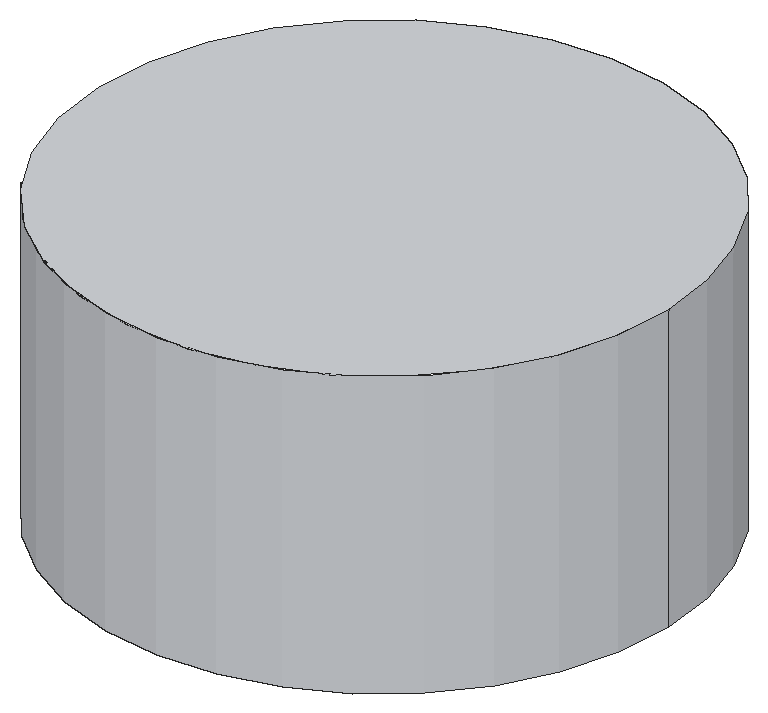
Revit family "ASF-10-C4", category Mechanical Equipment, Revit 2023
Family settings
  Round Connector Dimension = Use Diameter
  Classification = None
  Part Type = Normal
  OmniClass Number = 23.75.00.00
  OmniClass Title = Climate Control (HVAC)
  Work Plane-Based = No
  Always vertical = Yes
  Cut with Voids When Loaded = No
  Maintain Annotation Orientation = No
  Shared = No
  Room Calculation Point = No
Parameters (values of type "Standard")
  Volume = 0.0731615 CF
  Title = "Aura Solar Attic Fan - 10\" Diameter, 4\" Tall Collar"
  Subject = "ASF-10-C4"
  Requested Accuracy = "Low"
  Part Number = "ASF-10-C4"
  Mass = 12.5122 lbm
  Designer = "CAD Machine"
  Design State = 1
  Density = 171.021 lb/ft³
  Default Elevation = 0' - 0"
  Creation Date = "11/14/2022"
  Connector_1_Diameter = 0' - 9 3/4"
  Center of Gravity = "X: -0.035 in Y: -2.344 in Z: 0.021 in"
  Author = "CAD Machine"
  Area = 24.4524 SF
Reference planes (in)
  plane 1 "Center (Front/Back)": y = 0
  plane 2: z = 0
  plane 3 "Center (Left/Right)": x = 0
Forms (in)
  Extrusion 1, solid
    sketch origin (0, 0, -12.30799) x (1, 0, 0) y (0, 1, 0)
      loop
        circle (0, 0) r 0.12
    from 0 to -0.12
Dimensions and locks (in)
  aligned and locked: plane 2 to level
Connectors (in)
  hvac at (0, 0, -12.30799), driven by "Connector_1_Diameter"
    settings: on Extrusion 1, index 1, duct flow 0 CFM, flow factor 0, pres drop 0.00 in-wg, loss coef 0, conn angle 0.00°, conn width 12", conn height 12", conn diameter 9 3/4", duct sys type 3, conn prof type 0, flow config 1, flow direction 1, loss method 0, conn ref index -1, conn util no, is conn primary yes, conn desc ""
